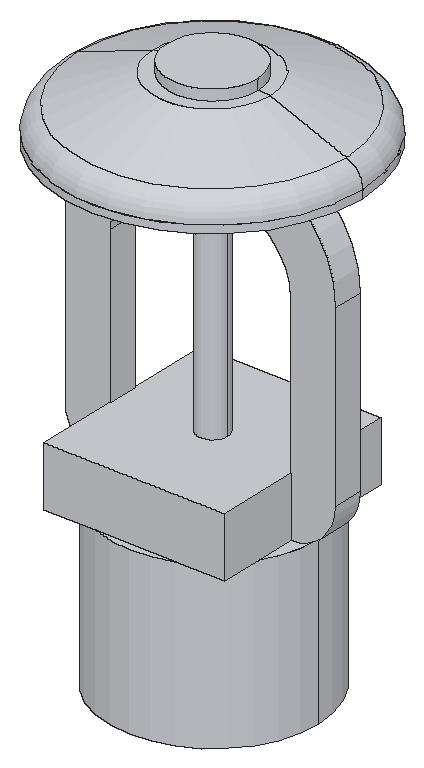
Revit family
Parameters (values of type "RASCO F1 UPRIGHT")
  Temperature Rating = 200 °F
  Response = 1
  RASCO SIN # = "R1723"
  RASCO Part # = "FU27B"
  Pressure Rating = "175 PSI"
  Pressure Class = (empty or 0)
  Orifice Size = 7/16"
  Orifice = (empty or 0)
  Model = "F1FR"
  Manufacturer = "RASCO"
  K-Factor = 5.6
  Description = "Bronze Finish"
  Coverage = (empty or 0)
Reference planes (in)
  plane 1 "Center (Front/Back)": y = 0
  plane 2: z = 0
  plane 3 "Center (Left/Right)": x = 0
Nested families (in)
  nested 1: "FU27B" at (0, 0, 0), type "RASCO F1 UPRIGHT"
Connectors (in)
  piping at (0, 0, 0)
    settings: on nested 1, index 1, connector radius 55/128", flow factor 0, pipe flow 0 GPM, pressure drop 0.00 psi, fitting loss kfactor 0, connector angle 0.00°, fixture units 0, flow configuration 0, flow direction 0, fitting loss method 0, system type 7, connector reference index -1, connector utility 0, adjustable connector no, is connector primary yes, fitting loss table "", connector description ""
Definition of nested family "FU27B"
  Parameters (values of type "RASCO F1 UPRIGHT")
    Type Comments = ""
    Temperature Rating = 0 °F
    Response = (empty or 0)
    Pressure Rating = "0"
    Pressure Class = (empty or 0)
    Orifice Size = 0"
    Orifice = (empty or 0)
    Model = ""
    Manufacturer = ""
    K-Factor = 0
    Description = ""
    Coverage = (empty or 0)
    Assembly Code = ""
  Reference planes (in)
    plane 1 "Center (Front/Back)": y = 0
    plane 2: z = 0
    plane 3 "ref.2": z = 0.6875
    plane 4 "ref.3": z = 0.9375
    plane 5: x = -0.38065
    plane 6: x = 0.36935
    plane 7 "ref. side 1": y = 0.06402
    plane 8 "ref. side 2": y = -0.06098
    plane 9 "ref.4": z = 1.875
    plane 10 "ref.5": z = 2.3125
    plane 11 "ref.6": z = 2.4375
  Forms (in)
    Extrusion 1, solid
      sketch origin (0, 0, 0) x (1, 0, 0) y (0, 1, 0)
        loop
          circle (0, 0) r 0.4375
      from 0 to 0.6875
    Extrusion 2, solid
      sketch origin (-0.12185, 0.05177, 0.6875) x (1, 0, 0) y (0, 1, 0)
        loop
          line (-0.2588, 0.356) -> (-0.2588, -0.4565) -> (0.4912, -0.4565) -> (0.4912, 0.356) -> (-0.2588, 0.356)
      from 0 to 0.25
    Extrusion 3, solid
      sketch origin (0, 0, 0) x (1, 0, 0) y (0, 0, 1)
        loop
          line (-0.38065, 0.68754) -> (-0.38065, 1.58397)
          arc (-0.38065, 1.58397) -> (-0.29541, 1.78976) -> (-0.08962, 1.875) r 0.29103
          line (-0.08962, 1.875) -> (0.07524, 1.875)
          arc (0.07524, 1.875) -> (0.28321, 1.78886) -> (0.36935, 1.58089) r 0.29411
          line (0.36935, 1.58089) -> (0.36935, 0.68751)
          arc (0.36935, 0.68751) -> (0.50207, 0.74393) -> (0.55685, 0.87734) r 0.18984
          line (0.55685, 0.87734) -> (0.55685, 1.61676)
          arc (0.55685, 1.61676) -> (0.42629, 1.93194) -> (0.11111, 2.0625) r 0.44574
          line (0.11111, 2.0625) -> (-0.12259, 2.0625)
          arc (-0.12259, 2.0625) -> (-0.43765, 1.932) -> (-0.56815, 1.61694) r 0.44556
          line (-0.56815, 1.61694) -> (-0.56815, 0.87876)
          arc (-0.56815, 0.87876) -> (-0.51345, 0.74486) -> (-0.38065, 0.68754) r 0.19126
      from -0.06402 to 0.06098
    Extrusion 4, solid
      sketch origin (0, 0, 0.9375) x (-1, 0, 0) y (0, -1, 0)
        loop
          circle (0.00574, -0.00152) r 0.0625
      from 0 to 0.9375
    Extrusion 5, solid
      sketch origin (0, 0, 1.875) x (-1, 0, 0) y (0, -1, 0)
        loop
          circle (0.00574, -0.00152) r 0.1875
      from 0 to 0.4375
    Revolve 6, solid
      sketch origin (0, 0, -0.31276) x (1, 0, 0) y (0, 0, 1)
        loop
          line (-0.19324, 2.33367) -> (-0.19324, 2.58367) -> (-0.24995, 2.58367) -> (-0.56395, 2.46314)
          arc (-0.56395, 2.46314) -> (-0.61243, 2.42492) -> (-0.63074, 2.36595) r 0.1041
          line (-0.63074, 2.36595) -> (-0.63074, 2.33367) -> (-0.19324, 2.33367)
        axis (-0.00574, 2.33367) -> (-0.00574, 2.58367)
      angle from 0 to 360
  Cuts and joins
    joined: Extrusion 1, Extrusion 2, Extrusion 4, Revolve 6
  Lines and regions (in)
    model lines
      curve 1: line (-0.00574, 0.06402, 1.875) -> (-0.00574, -0.06098, 1.875)
